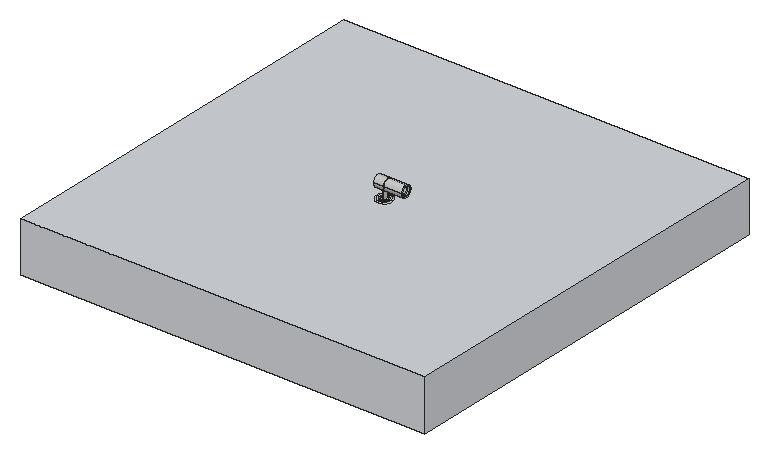
Revit family "LAMP_HANCE SEMI-RECESSED FLOOD", category Modelos genéricos, Revit 2015
Parameters (values of type "1476LM 3000 BLACK")
  Weight = 0.85 kg
  Type = "COB PHILIPS"
  Total height = 260 mm
  Tilting angle [instance] = 90.00°
  Tilting [instance] = if(Tilting angle < 0.00°, 0.00°, if(Tilting angle > 90.00°, 90.00°, Tilting angle))  # 90.00°
  Rotation angle [instance] = 0.00°
  Rotation [instance] = if(Rotation angle < 0.00°, 90.00°, if(Rotation angle > 355.00°, 85.00°, Rotation angle + 90.00°))  # 90.00°
  Protection rating = "IP20"
  Profundidad tija = if(Longitud cuerpo = 210 mm, 18 mm, 8.2 mm)  # 8.2 mm
  Product datasheet = "http://www.lamp.es/product-files/TECH/HS1SR20FL830NBB-EN.pdf"
  Product code = "HS1SR20FL830NBB"
  Product URL = "http://www.lamp.es/en/family/hance_173901"
  Power Supply = "220-240V 50-60Hz"
  Power = 18 W
  Plum = 21 W
  Photometric web file = Cuerpo Hance SEMI-RECESSED FLOOD (tilting) : 1476LM 3000 BLACK
  Modelo = Product code  # "HS1SR20FL830NBB"
  Model explanation = "Availability of tilting between 0º and 90º, rotation between 0º and 355º and change ring color when placed in a project."
  Material base = LAMP_Aluminio Hance Negro
  Material tija = LAMP_Aluminio Hance Negro
  Manufacturer name = "LAMP"
  Manufacturer country = "Spain"
  Manufacturer URL = "http://www.lamp.es/en"
  MacAdam = "3"
  Luminaire type = "Indoor - Spotlight"
  Longitud cuerpo = 170 mm
  Longitud aro = if(Longitud cuerpo = 135 mm, 63.6 mm, if(Longitud cuerpo = 170 mm, 98.6 mm, 138.6 mm))  # 98.6 mm
  Last update = "08/08/2018"
  Lamp = "COB LED"
  LED Lifetime = "50.000 L80 B10"
  Insulation class = "I"
  Installation instructions = "http://www.lamp.es/product-files/ins/1004280%20-%20instr.%20hance%20spotlight%20220v.pdf"
  Initial intensity = 1476 lm
  Initial color = 3000 K
  IEE = "A"
  Gear = "Electronic"
  Finish = "Texturised black"
  Fabricante = Manufacturer name  # "LAMP"
  Default Elevation = 1219.2 mm
  Efficacy = 70.3 lm/W
  Diameter = 65 mm
  Descripción = "HANCE REC 2000 WW FL BK."
  Decorative ring [instance] = Aro decorativo (tilting) : Black
  Comentarios de tipo = Model explanation  # "Availability of tilting between 0º and 90º, rotation between 0º and 355º and change ring color when placed in a project."
  CRI = "80"
  Body height = 170 mm
  Angulo aro [instance] = if(Tilting = 90.00°, 90.00°, -Tilting + 180.00°)  # 90.00°
  Anchura tija = if(Longitud cuerpo = 210 mm, 28 mm, 23 mm)  # 23 mm
  Altura tija = if(Longitud cuerpo = 210 mm, 49 mm, 63 mm)  # 63 mm
Types (17, lengths in mm): name | Weight | Total height | Profundidad tija | Product datasheet | Product code | Power | Plum | Photometric web file | Modelo | Material base | Material tija | Longitud cuerpo | Longitud aro | LED Lifetime | Initial intensity | Initial color | IEE | Finish | Efficacy | Diameter | Descripción | Body height | Anchura tija | Altura tija
  (no name) | 0.85 kg | 260 | 8.2 | "http://www.lamp.es/product-files/TECH/HS1SR20FL830NBB-EN.pdf" | "HS1SR20FL830NBB" | 18 W | 21 W | Cuerpo Hance SEMI-RECESSED FLOOD (tilting) : 1476LM 3000 BLACK | "HS1SR20FL830NBB" | LAMP_Aluminio Hance Negro | LAMP_Aluminio Hance Negro | 170 | 98.6 | "50.000 L80 B10" | 1476 lm | 3000 K | "A" | "Texturised black" | 70.3 lm/W | 65 | "HANCE REC 2000 WW FL BK." | 170 | 23 | 63
  639LM 3000 BLACK | 0.70 kg | 224 | 8.2 | "http://www.lamp.es/product-files/TECH/HS1SR10FL830NBB-EN.pdf" | "HS1SR10FL830NBB" | 7 W | 8.2 W | Cuerpo Hance SEMI-RECESSED FLOOD (tilting) : 639LM 3000 BLACK | "HS1SR10FL830NBB" | LAMP_Aluminio Hance Negro | LAMP_Aluminio Hance Negro | 135 | 63.6 | "50.000 L90 B10" | 639 lm | 3000 K | "A+" | "Texturised black" | 77.9 lm/W | 65 | "HANCE REC 1000 WW FL BK." | 135 | 23 | 63
  639LM 3000 WHITE | 0.70 kg | 224 | 8.2 | "http://www.lamp.es/product-files/TECH/HS1SR10FL830NBW-EN.pdf" | "HS1SR10FL830NBW" | 7 W | 8.2 W | Cuerpo Hance SEMI-RECESSED FLOOD (tilting) : 639LM 3000 WHITE | "HS1SR10FL830NBW" | LAMP_Aluminio Hance Blanco | LAMP_Aluminio Hance Blanco | 135 | 63.6 | "50.000 L90 B10" | 639 lm | 3000 K | "A+" | "Texturised matt white" | 77.9 lm/W | 65 | "HANCE REC 1000 WW FL WH." | 135 | 23 | 63
  675LM 4000 BLACK | 0.70 kg | 224 | 8.2 | "http://www.lamp.es/product-files/TECH/HS1SR10FL840NBB-EN.pdf" | "HS1SR10FL840NBB" | 7 W | 8.2 W | Cuerpo Hance SEMI-RECESSED FLOOD (tilting) : 675LM 4000 BLACK | "HS1SR10FL840NBB" | LAMP_Aluminio Hance Negro | LAMP_Aluminio Hance Negro | 135 | 63.6 | "50.000 L90 B10" | 675 lm | 4000 K | "A+" | "Texturised black" | 82.32 lm/W | 65 | "HANCE REC 1000 NW FL BK." | 135 | 23 | 63
  675LM 4000 WHITE | 0.70 kg | 224 | 8.2 | "http://www.lamp.es/product-files/TECH/HS1SR10FL840NBW-EN.pdf" | "HS1SR10FL840NBW" | 7 W | 8.2 W | Cuerpo Hance SEMI-RECESSED FLOOD (tilting) : 675LM 4000 WHITE | "HS1SR10FL840NBW" | LAMP_Aluminio Hance Blanco | LAMP_Aluminio Hance Blanco | 135 | 63.6 | "50.000 L90 B10" | 675 lm | 4000 K | "A+" | "Texturised matt white" | 82.32 lm/W | 65 | "HANCE REC 1000 NW FL WH." | 135 | 23 | 63
  1476LM 3000 BLACK | 0.85 kg | 260 | 8.2 | "http://www.lamp.es/product-files/TECH/HS1SR20FL830NBB-EN.pdf" | "HS1SR20FL830NBB" | 18 W | 21 W | Cuerpo Hance SEMI-RECESSED FLOOD (tilting) : 1476LM 3000 BLACK | "HS1SR20FL830NBB" | LAMP_Aluminio Hance Negro | LAMP_Aluminio Hance Negro | 170 | 98.6 | "50.000 L80 B10" | 1476 lm | 3000 K | "A" | "Texturised black" | 70.3 lm/W | 65 | "HANCE REC 2000 WW FL BK." | 170 | 23 | 63
  1476LM 3000 WHITE | 0.85 kg | 260 | 8.2 | "http://www.lamp.es/product-files/TECH/HS1SR20FL830NBW-EN.pdf" | "HS1SR20FL830NBW" | 18 W | 21 W | Cuerpo Hance SEMI-RECESSED FLOOD (tilting) : 1476LM 3000 WHITE | "HS1SR20FL830NBW" | LAMP_Aluminio Hance Blanco | LAMP_Aluminio Hance Blanco | 170 | 98.6 | "50.000 L80 B10" | 1476 lm | 3000 K | "A" | "Texturised matt white" | 70.3 lm/W | 65 | "HANCE REC 2000 WW FL WH." | 170 | 23 | 63
  1560LM 4000 BLACK | 0.85 kg | 260 | 8.2 | "http://www.lamp.es/product-files/TECH/HS1SR20FL840NBB-EN.pdf" | "HS1SR20FL840NBB" | 18 W | 21 W | Cuerpo Hance SEMI-RECESSED FLOOD (tilting) : 1560LM 4000 BLACK | "HS1SR20FL840NBB" | LAMP_Aluminio Hance Negro | LAMP_Aluminio Hance Negro | 170 | 98.6 | "50.000 L80 B10" | 1560 lm | 4000 K | "A" | "Texturised black" | 74.28 lm/W | 65 | "HANCE REC 2000 NW FL BK." | 170 | 23 | 63
  1560LM 4000 WHITE | 0.85 kg | 260 | 8.2 | "http://www.lamp.es/product-files/TECH/HS1SR20FL840NBW-EN.pdf" | "HS1SR20FL840NBW" | 18 W | 21 W | Cuerpo Hance SEMI-RECESSED FLOOD (tilting) : 1560LM 4000 WHITE | "HS1SR20FL840NBW" | LAMP_Aluminio Hance Blanco | LAMP_Aluminio Hance Blanco | 170 | 98.6 | "50.000 L80 B10" | 1560 lm | 4000 K | "A" | "Texturised matt white" | 74.28 lm/W | 65 | "HANCE REC 2000 NW FL WH." | 170 | 23 | 63
  2569LM 3000 BLACK | 1.70 kg | 3000 | 18 | "http://www.lamp.es/product-files/TECH/HS1SR30FL830NBB-EN.pdf" | "HS1SR30FL830NBB" | 26 W | 28.6 W | Cuerpo Hance SEMI-RECESSED FLOOD (tilting) : 2569LM 3000 BLACK | "HS1SR30FL830NBB" | LAMP_Aluminio Hance Negro | LAMP_Aluminio Hance Negro | 210 | 138.6 | "50.000 L80 B10" | 2569 lm | 3000 K | "A+" | "Texturised black" | 89.83 lm/W | 90 | "HANCE REC 3000 WW FL BK." | 210 | 28 | 49
  2569LM 3000 WHITE | 1.70 kg | 300 | 18 | "http://www.lamp.es/product-files/TECH/HS1SR30FL830NBW-EN.pdf" | "HS1SR30FL830NBW" | 26 W | 28.6 W | Cuerpo Hance SEMI-RECESSED FLOOD (tilting) : 2569LM 3000 WHITE | "HS1SR30FL830NBW" | LAMP_Aluminio Hance Blanco | LAMP_Aluminio Hance Blanco | 210 | 138.6 | "50.000 L80 B10" | 2569 lm | 3000 K | "A+" | "Texturised matt white" | 89.83 lm/W | 90 | "HANCE REC 3000 WW FL WH." | 210 | 28 | 49
  2686LM 4000 BLACK | 1.70 kg | 300 | 18 | "http://www.lamp.es/product-files/TECH/HS1SR30FL840NBB-EN.pdf" | "HS1SR30FL840NBB" | 26 W | 28.6 W | Cuerpo Hance SEMI-RECESSED FLOOD (tilting) : 2569LM 3000 BLACK | "HS1SR30FL840NBB" | LAMP_Aluminio Hance Negro | LAMP_Aluminio Hance Negro | 210 | 138.6 | "50.000 L80 B10" | 2686 lm | 4000 K | "A+" | "Texturised black" | 93.92 lm/W | 90 | "HANCE REC 3000 NW FL BK." | 210 | 28 | 49
  2686LM 4000 WHITE | 1.70 kg | 300 | 18 | "http://www.lamp.es/product-files/TECH/HS1SR30FL840NBW-EN.pdf" | "HS1SR30FL840NBW" | 26 W | 28.6 W | Cuerpo Hance SEMI-RECESSED FLOOD (tilting) : 2686LM 4000 WHITE | "HS1SR30FL840NBW" | LAMP_Aluminio Hance Blanco | LAMP_Aluminio Hance Blanco | 210 | 138.6 | "50.000 L80 B10" | 2686 lm | 4000 K | "A+" | "Texturised matt white" | 93.92 lm/W | 90 | "HANCE REC 3000 NW FL WH." | 210 | 28 | 49
  3290LM 3000 BLACK | 1.70 kg | 300 | 18 | "http://www.lamp.es/product-files/TECH/HS1SR40FL830NBB-EN.pdf" | "HS1SR40FL830NBB" | 35 W | 39.5 W | Cuerpo Hance SEMI-RECESSED FLOOD (tilting) : 3290LM 3000 BLACK | "HS1SR40FL830NBB" | LAMP_Aluminio Hance Negro | LAMP_Aluminio Hance Negro | 210 | 138.6 | "50.000 L80 B10" | 3290 lm | 3000 K | "A+" | "Texturised black" | 83.3 lm/W | 90 | "HANCE REC 4000 WW FL BK." | 210 | 28 | 49
  3290LM 3000 WHITE | 1.70 kg | 300 | 18 | "http://www.lamp.es/product-files/TECH/HS1SR40FL830NBW-EN.pdf" | "HS1SR40FL830NBW" | 35 W | 39.5 W | Cuerpo Hance SEMI-RECESSED FLOOD (tilting) : 3290LM 3000 WHITE | "HS1SR40FL830NBW" | LAMP_Aluminio Hance Blanco | LAMP_Aluminio Hance Blanco | 210 | 138.6 | "50.000 L80 B10" | 3290 lm | 3000 K | "A+" | "Texturised matt white" | 83.3 lm/W | 90 | "HANCE REC 4000 WW FL WH." | 210 | 28 | 49
  3426LM 4000 BLACK | 1.70 kg | 300 | 18 | "http://www.lamp.es/product-files/TECH/HS1SR40FL840NBB-EN.pdf" | "HS1SR40FL840NBB" | 35 W | 39.5 W | Cuerpo Hance SEMI-RECESSED FLOOD (tilting) : 3426LM 4000 BLACK | "HS1SR40FL840NBB" | LAMP_Aluminio Hance Negro | LAMP_Aluminio Hance Negro | 210 | 138.6 | "50.000 L80 B10" | 3426 lm | 4000 K | "A+" | "Texturised black" | 86.73 lm/W | 90 | "HANCE REC 4000 NW FL BK." | 210 | 28 | 49
  3426LM 4000 WHITE | 1.70 kg | 300 | 18 | "http://www.lamp.es/product-files/TECH/HS1SR40FL840NBW-EN.pdf" | "HS1SR40FL840NBW" | 35 W | 39.5 W | Cuerpo Hance SEMI-RECESSED FLOOD (tilting) : 3426LM 4000 WHITE | "HS1SR40FL840NBW" | LAMP_Aluminio Hance Blanco | LAMP_Aluminio Hance Blanco | 210 | 138.6 | "50.000 L80 B10" | 3426 lm | 4000 K | "A+" | "Texturised matt white" | 86.73 lm/W | 90 | "HANCE REC 4000 NW FL WH." | 210 | 28 | 49
Reference planes
  plane 1 "Centro (Frontal/Posterior)": y = 0
  plane 2: z = 0
  plane 3 "Centro (Izquierda/Derecha)": x = 0
Forms (mm)
  Extrusion 1, solid
    sketch origin (0, 0, 0) x (1, 0, 0) y (0, 1, 0)
      loop
        line (-1219.2, 1219.2) -> (-1219.2, -1219.2) -> (1219.2, -1219.2) -> (1219.2, 1219.2) -> (-1219.2, 1219.2)
    from 0 to -304.8
Lines and regions (mm)
  reference lines
    curve 1: line (0, 0, 0) -> (50, 0, 0)
Text (mm)
  text "Any modification of the parameters and properties of the LAMP BIM models must be executed and validated by the LAMP technical department.\n\nPhone: +34 93 736 68 00\n\nE-mail: lamp@lamp.es\n\n\n\nLAMP reserves the right to modify the technical specifications of its products." at (-21906.375, 14253.211, -4404.018), in view "Preview"
Dimensions and locks
  "Rotation": angle curve 1 to plane 3 "Centro (Izquierda/Derecha)"
  aligned and locked: plane 2 to Extrusion 1
  aligned and locked: level to Extrusion 1
  aligned and locked: plane 3 "Centro (Izquierda/Derecha)" to curve 1
  aligned and locked: plane 1 "Centro (Frontal/Posterior)" to curve 1
Automatic sketch dimensions
  Extrusion 1 sketch curve to Extrusion 1 sketch curve = 2438.4 mm  (x2)
Nested families
  nested 1: "Aro decorativo (tilting)" at (4.148, 0, 57.363) x (1, 0, 0) z (0, 0, -1), type <- "Decorative ring", type "Black"
    with Longitud 98.6 mm
  nested 2: "Tija track" at (5.648, 0, 2.2), type "Tija track"
  nested 3: "Tija semi-recessed" at (0, 0, 0), type "Tija semi-recessed"
    with Rotation angle 0.00°, Rotation 90.00°
  nested 4: "Cuerpo Hance SEMI-RECESSED FLOOD (tilting)" at (4.123, 0, 57.345) x (1, 0, 0) z (0, 0, -1), type <- "Photometric web file", type "1476LM 3000 BLACK"
Connectors
  electrical at (0, 0, 0)
    settings: on nested 3, index 1, voltage 230 V, apparent load 0 VA, apparent load phase1 0 VA, apparent load phase2 0 VA, apparent load phase3 0 VA, power factor 1, load classification "Otro", number of poles 1, system type 30, power factor state 1, is connector primary yes, connector utility no, sub classification motor no, connector description ""
Definition of nested family "Aro decorativo (tilting)"
  Parameters (values of type "Copper")
    Weight (3000/4000) = 0.016 kg
    Weight (1000/2000) = 0.01 kg
    Tilting = 90.00°
    Product datasheet = ""
    Product code (3000/4000) = "HSRI90C"
    Product code (1000/2000) = "HSRI65C"
    Product URL = ""
    Model = ""
    Material aro = none
    Manufacturer name = "LAMP"
    Manufacturer country = "Spain"
    Manufacturer URL = "http://www.lamp.es/en"
    Longitud = 63.6 mm
    Last update = "21/05/2018"
    Installation instructions = ""
    Finish = "Metalized matt copper"
    Manufacturer = Manufacturer name  # "LAMP"
    Default Elevation = 1219.2 mm
    Diameter (3000/4000) = 90 mm
    Diameter (1000/2000) = 65 mm
    Description = ""
    Accessory Type = "Optic"
    3000/4000 Model = "HSRI90C"
    3000/4000 Description = "HANCE 3000/4000 ACC. RING DECO CO."
    1000/2000 Model = "HSRI65C"
    1000/2000 Description = "HANCE 1000/2000 ACC. RING DECO CO."
  Types (5, lengths in mm): name | Product code (3000/4000) | Product code (1000/2000) | Finish | 3000/4000 Model | 3000/4000 Description | 1000/2000 Model | 1000/2000 Description
    (no name) | "HSRI90C" | "HSRI65C" | "Metalized matt copper" | "HSRI90C" | "HANCE 3000/4000 ACC. RING DECO CO." | "HSRI65C" | "HANCE 1000/2000 ACC. RING DECO CO."
    Black | "HSRI90B" | "HSRI65B" | "Matt black" | "HSRI90B" | "HANCE 3000/4000 ACC. RING DECO BK." | "HSRI65B" | "HANCE 1000/2000 ACC. RING DECO BK."
    Copper | "HSRI90C" | "HSRI65C" | "Metalized matt copper" | "HSRI90C" | "HANCE 3000/4000 ACC. RING DECO CO." | "HSRI65C" | "HANCE 1000/2000 ACC. RING DECO CO."
    Grey | "HSRI90M" | "HSRI65M" | "Metalized matt silver" | "HSRI90M" | "HANCE 3000/4000 ACC. RING DECO MET." | "HSRI65M" | "HANCE 1000/2000 ACC. RING DECO MET."
    White | "HSRI90W" | "HSRI65W" | "Matt White" | "HSRI90W" | "HANCE 3000/4000 ACC. RING DECO WH." | "HSRI65W" | "HANCE 1000/2000 ACC. RING DECO WH."
  Reference planes
    plane 1 "Centro (Frontal/Posterior)": y = 0
    plane 2: z = 0
    plane 3 "Centro (Izquierda/Derecha)": x = 0
  Lines and regions (mm)
    reference lines
      curve 1: line (0, 0, 0) -> (0, 0, -27.9)
      curve 2: line (0, 0, -27.9) -> (80.8, 0, -27.9)
  Text (mm)
    text "Any modification of the parameters and properties of the LAMP BIM models must be executed and validated by the LAMP technical department.\n\nPhone: +34 93 736 68 00\n\nE-mail: lamp@lamp.es\n\n\n\nLAMP reserves the right to modify the technical specifications of its products." at (86527.204, -96597.187, 50741.736), in view "Preview"
  Dimensions and locks
    "Tilting": angle curve 1 to plane 2
    aligned and locked: level to plane 2
    aligned and locked: plane 3 "Centro (Izquierda/Derecha)" to curve 1
    aligned and locked: plane 2 to curve 1
  Automatic sketch dimensions
    curve 2 to curve 1 = 0 mm
    curve 1 to curve 2 = 0 mm
    curve 1 to curve 2 = 80.8 mm
  Nested families
    nested 1: "Aro decorativo" at (17.2, 0, 0), type "Copper"
  Definition of nested family "Aro decorativo"
    Parameters (values of type "Copper")
      Weight (3000/4000) = 0.016 kg
      Weight (1000/2000) = 0.01 kg
      Product datasheet = ""
      Product code (3000/4000) = "HSRI90C"
      Product code (1000/2000) = "HSRI65C"
      Product URL = ""
      Model = ""
      Material aro = none
      Manufacturer name = "LAMP"
      Manufacturer country = "Spain"
      Manufacturer URL = "http://www.lamp.es/en"
      Longitud = 63.6 mm
      Last update = "21/05/2018"
      Installation instructions = ""
      Finish = "Metalized matt copper"
      Manufacturer = Manufacturer name  # "LAMP"
      Default Elevation = 1219.2 mm
      Diametro vaciado aro interior = if(Diametro aro interior = 35.4 mm, 34.4 mm, 21.9 mm)  # 21.9 mm
      Diametro vaciado aro exterior = if(Diametro aro exterior = 42.9 mm, 41.9 mm, 29.4 mm)  # 29.4 mm
      Diametro aro interior = if(Diametro aro exterior = 42.9 mm, 35.4 mm, 22.9 mm)  # 22.9 mm
      Diametro aro exterior = if(Longitud = 138.6 mm, 42.9 mm, 30.4 mm)  # 30.4 mm
      Diameter (3000/4000) = 90 mm
      Diameter (1000/2000) = 65 mm
      Description = ""
      Accessory Type = "Optic"
      3000/4000 Model = "HSRI90C"
      3000/4000 Description = "HANCE 3000/4000 ACC. RING DECO CO."
      1000/2000 Description = "HANCE 1000/2000 ACC. RING DECO CO."
      1000/2000 Model = "HSRI65C"
    Types (5, lengths in mm): name | Product code (3000/4000) | Product code (1000/2000) | Finish | 3000/4000 Model | 3000/4000 Description | 1000/2000 Description | 1000/2000 Model
      (no name) | "HSRI90C" | "HSRI65C" | "Metalized matt copper" | "HSRI90C" | "HANCE 3000/4000 ACC. RING DECO CO." | "HANCE 1000/2000 ACC. RING DECO CO." | "HSRI65C"
      Black | "HSRI90B" | "HSRI65B" | "Matt black" | "HSRI90B" | "HANCE 3000/4000 ACC. RING DECO BK." | "HANCE 1000/2000 ACC. RING DECO BK." | "HSRI65B"
      Copper | "HSRI90C" | "HSRI65C" | "Metalized matt copper" | "HSRI90C" | "HANCE 3000/4000 ACC. RING DECO CO." | "HANCE 1000/2000 ACC. RING DECO CO." | "HSRI65C"
      Grey | "HSRI90M" | "HSRI65M" | "Metalized matt silver" | "HSRI90M" | "HANCE 3000/4000 ACC. RING DECO MET." | "HANCE 1000/2000 ACC. RING DECO MET." | "HSRI65M"
      White | "HSRI90W" | "HSRI65W" | "Matt white" | "HSRI90W" | "HANCE 3000/4000 ACC. RING DECO WH." | "HANCE 1000/2000 ACC. RING DECO WH." | "HSRI65W"
    Reference planes
      plane 1 "Centro (Frontal/Posterior)": y = 0
      plane 2: z = 0
      plane 3 "Centro (Izquierda/Derecha)": x = 0
    Forms (mm)
      Revolve 1, solid, material <- "Material aro"
        sketch origin (0, 0, -27.9) x (1, 0, 0) y (0, 0, 1)
          loop
            line (63.6, 0) -> (73.782, 0) -> (73.782, 30.4) -> (63.6, 22.9) -> (63.6, 0)
          axis (73.782, 0) -> (63.6, 0)
        angle from 0 to 360
      Revolve 2, void
        sketch origin (0, 0, -27.9) x (1, 0, 0) y (0, 0, 1)
          loop
            line (73.782, 29.4) -> (63.6, 21.9) -> (63.6, 0) -> (73.782, 0) -> (73.782, 29.4)
          axis (63.6, 0) -> (73.782, 0)
        angle from 0 to 360
    Cuts and joins
      Revolve 2 cuts Revolve 1
    Lines and regions (mm)
      reference lines
        curve 1: line (0, 0, -27.9) -> (63.6, 0, -27.9)
    Text (mm)
      text "Any modification of the parameters and properties of the LAMP BIM models must be executed and validated by the LAMP technical department.\n\nPhone: +34 93 736 68 00\n\nE-mail: lamp@lamp.es\n\n\n\nLAMP reserves the right to modify the technical specifications of its products." at (91886.357, -93022.329, 47898.266), in view "Preview"
    Dimensions and locks
      "Diametro aro exterior": Revolve 1 sketch curve to Revolve 1 sketch curve
      "Diametro vaciado aro exterior": Revolve 2 sketch curve to Revolve 2 sketch curve
      "Longitud": curve 1 to plane 3 "Centro (Izquierda/Derecha)"
      "Diametro aro interior": Revolve 1 sketch curve to Revolve 1 sketch curve
      "Diametro vaciado aro interior": Revolve 2 sketch curve to Revolve 2 sketch curve
      aligned and locked: level to plane 2
    Automatic sketch dimensions
      Revolve 1 sketch curve to curve 1 = 0 mm  (x4)
      curve 1 to Revolve 1 sketch curve = 10.182 mm
      Revolve 1 sketch curve to Revolve 1 sketch curve = 0 mm
      Revolve 2 sketch curve to curve 1 = 0 mm  (x3)
      curve 1 to Revolve 2 sketch curve = 10.182 mm
      Revolve 2 sketch curve to curve 1 = 1261.008 mm
      Revolve 2 sketch curve to Revolve 2 sketch curve = 1898.983 mm
      curve 1 to plane 3 "Centro (Izquierda/Derecha)" = 0 mm
      curve 1 to level = 27.9 mm
Definition of nested family "Tija track"
  Parameters (values of type "Tija track")
    Profundidad tija = 8.2 mm
    Material tija = none
    Default Elevation = 1219.2 mm
    Anchura tija = 23 mm
    Profundo vaciado = if(Profundidad tija = 18 mm, 10.8 mm, 1 mm)  # 1 mm
    Ancho vaciado = Anchura tija  # 23 mm
    Altura tija = 63 mm
  Reference planes
    plane 1 "Centro (Frontal/Posterior)": y = 0
    plane 2: z = 0
    plane 3 "Centro (Izquierda/Derecha)": x = 0
  Forms (mm)
    Extrusion 1, solid
      sketch origin (0, 0, 0) x (1, 0, 0) y (0, 1, 0)
        loop
          line (-1219.2, 1219.2) -> (-1219.2, -1219.2) -> (1219.2, -1219.2) -> (1219.2, 1219.2) -> (-1219.2, 1219.2)
      from 0 to -304.8
    Extrusion 2, solid, material <- "Material tija"
      sketch origin (0, 0, -18) x (1, 0, 0) y (0, 0, 1)
        loop
          line (4.1, 18) -> (4.1, 81) -> (-6.297, 81)
          arc (-6.297, 81) -> (-12.297, 75) -> (-6.297, 69) r 6
          line (-6.297, 69) -> (-4.1, 69) -> (-4.1, 18) -> (4.1, 18)
      from -11.5 to 11.5
    Extrusion 3, void
      sketch origin (0, 0, -20) x (-1, 0, 0) y (0, 0, 1)
        loop
          circle (7.297, 77) r 3
        loop
          circle (7.297, 63) r 3
      from -17.317 to 15.502
    Extrusion 4, void
      sketch origin (1, -11.5, 0) x (-1, 0, 0) y (0, 1, 0)
        loop
          line (0, 23) -> (-38.141, 23) -> (-38.141, 0) -> (0, 0)
          arc (0, 0) -> (-1.663, 11.5) -> (0, 23) r 40.6
      from -63 to 0
  Cuts and joins
    Extrusion 3, Extrusion 4 cuts Extrusion 2
  Lines and regions (mm)
    reference lines
      curve 1: line (1, -11.5, 0) -> (1, 11.5, 0)
  Dimensions and locks
    equal spacing: cut or joined group of Extrusion 2, Extrusion 3, Extrusion 4, plane 1 "Centro (Frontal/Posterior)", cut or joined group of Extrusion 2, Extrusion 3, Extrusion 4
    "Anchura tija": cut or joined group of Extrusion 2, Extrusion 3, Extrusion 4 to cut or joined group of Extrusion 2, Extrusion 3, Extrusion 4
    plane 1 "Centro (Frontal/Posterior)" to Extrusion 4 sketch curve = 11.5 mm
    "Altura tija": Extrusion 2 sketch curve to Extrusion 2 sketch curve
    "Profundidad tija": cut or joined group of Extrusion 2, Extrusion 3, Extrusion 4 to cut or joined group of Extrusion 2, Extrusion 3, Extrusion 4
    locked: cut or joined group of Extrusion 2, Extrusion 3, Extrusion 4 to plane 3 "Centro (Izquierda/Derecha)" at 4.1
    locked: plane 3 "Centro (Izquierda/Derecha)" to Extrusion 4 sketch curve at 39.141
    "Profundo vaciado": plane 3 "Centro (Izquierda/Derecha)" to curve 1
    "Ancho vaciado": Extrusion 4 sketch curve to Extrusion 4 sketch curve
    equal spacing: Extrusion 4 sketch curve, plane 1 "Centro (Frontal/Posterior)", Extrusion 4 sketch curve
    aligned and locked: plane 2 to Extrusion 1
    aligned and locked: level to Extrusion 1
  Automatic sketch dimensions
    Extrusion 1 sketch curve to Extrusion 1 sketch curve = 2438.4 mm  (x2)
    Extrusion 3 sketch curve to plane 3 "Centro (Izquierda/Derecha)" = 7.297 mm  (x2)
    level to Extrusion 3 sketch curve = 43 mm
    Extrusion 3 sketch curve to Extrusion 3 sketch curve = 14 mm
    Extrusion 2 sketch curve to level = 0 mm
    Extrusion 2 sketch curve to plane 3 "Centro (Izquierda/Derecha)" = 6.297 mm
    Extrusion 2 sketch curve to Extrusion 2 sketch curve = 2.197 mm
    plane 3 "Centro (Izquierda/Derecha)" to Extrusion 2 sketch curve = 4.1 mm
    Extrusion 2 sketch curve to Extrusion 2 sketch curve = 12 mm
    plane 1 "Centro (Frontal/Posterior)" to curve 1 = 11.5 mm
    curve 1 to plane 1 "Centro (Frontal/Posterior)" = 11.5 mm
    Extrusion 4 sketch curve to curve 1 = 0 mm  (x2)
    curve 1 to Extrusion 4 sketch curve = 38.937 mm
    radius of Extrusion 3 sketch curve = 3 mm  (x2)
Definition of nested family "Tija semi-recessed"
  Parameters (values of type "Tija semi-recessed")
    Rotation angle [instance] = 0.00°
    Rotation [instance] = if(Rotation angle < 0.00°, 90.00°, if(Rotation angle > 355.00°, 85.00°, Rotation angle + 90.00°))  # 90.00°
    Material base = none
    Default Elevation = 1219.2 mm
  Reference planes
    plane 1 "Centro (Frontal/Posterior)": y = 0
    plane 2: z = 0
    plane 3 "Centro (Izquierda/Derecha)": x = 0
  Forms (mm)
    Extrusion 1, solid
      sketch origin (0, 0, 0) x (1, 0, 0) y (0, 1, 0)
        loop
          line (-1219.2, 1219.2) -> (-1219.2, -1219.2) -> (1219.2, -1219.2) -> (1219.2, 1219.2) -> (-1219.2, 1219.2)
      from 0 to -304.8
    Revolve 2, solid, material <- "Material base"
      sketch origin (0, 0, 0) x (1, 0, 0) y (0, 0, 1)
        loop
          line (-47, 0) -> (0, 0) -> (0, 2.2) -> (-42, 2.2)
          arc (-42, 2.2) -> (-44.731, 1.626) -> (-47, 0) r 6.782
        axis (0, 2.2) -> (0, 0)
      angle from 0 to 360
    Extrusion 3, void
      sketch origin (0, 0, 0) x (1, 0, 0) y (0, 1, 0)
        loop
          circle (0, 0) r 24
      from 0 to 2.2
    Revolve 4, solid, material <- "Material base"
      sketch origin (0, 0, 0) x (1, 0, 0) y (0, 0, 1)
        loop
          line (0, 0) -> (0, 2.2) -> (-24, 2.2) -> (-24, 0) -> (0, 0)
        axis (0, 2.2) -> (0, 0)
      angle from 0 to 360
  Cuts and joins
    Extrusion 3 cuts Revolve 2
  Lines and regions (mm)
    reference lines
      curve 1: line (0, 0, 0) -> (100, 0, 0)
  Dimensions and locks
    "Rotation": angle curve 1 to plane 3 "Centro (Izquierda/Derecha)"
    aligned and locked: plane 2 to Extrusion 1
    aligned and locked: level to Extrusion 1
    aligned and locked: plane 3 "Centro (Izquierda/Derecha)" to curve 1
    aligned and locked: plane 1 "Centro (Frontal/Posterior)" to curve 1
  Automatic sketch dimensions
    Extrusion 1 sketch curve to Extrusion 1 sketch curve = 2438.4 mm  (x2)
    Revolve 2 sketch curve to level = 0 mm
    Revolve 2 sketch curve to plane 3 "Centro (Izquierda/Derecha)" = 0 mm  (x2)
    Revolve 2 sketch curve to level = 4.582 mm
    Revolve 2 sketch curve to plane 3 "Centro (Izquierda/Derecha)" = 42 mm
    Revolve 2 sketch curve to Revolve 2 sketch curve = 5 mm
    Revolve 2 sketch curve to Revolve 2 sketch curve = 605.018 mm
    Revolve 2 sketch curve to Revolve 2 sketch curve = 2606.858 mm
    plane 1 "Centro (Frontal/Posterior)" to Extrusion 3 sketch curve = 0 mm
    Extrusion 3 sketch curve to plane 3 "Centro (Izquierda/Derecha)" = 0 mm
    Revolve 4 sketch curve to level = 0 mm
    Revolve 4 sketch curve to plane 3 "Centro (Izquierda/Derecha)" = 0 mm  (x2)
    level to Revolve 4 sketch curve = 2.2 mm
    Revolve 4 sketch curve to Revolve 4 sketch curve = 24 mm
    Revolve 4 sketch curve to level = 609.6 mm
    Revolve 4 sketch curve to Revolve 4 sketch curve = 2606.858 mm
    radius of Extrusion 3 sketch curve = 24 mm
Definition of nested family "Cuerpo Hance SEMI-RECESSED FLOOD (tilting)"
  Parameters (values of type "639LM 3000 BLACK")
    Tilting = 90.00°
    Photometric web file = Cuerpo Hance SEMI-RECESSED FLOOD : 639LM 3000 BLACK
    Longitud cuerpo = 135 mm
    Default Elevation = 1219.2 mm
  Types (17, lengths in mm): name | Photometric web file | Longitud cuerpo
    (no name) | Cuerpo Hance SEMI-RECESSED FLOOD : 639LM 3000 BLACK | 135
    639LM 3000 BLACK | Cuerpo Hance SEMI-RECESSED FLOOD : 639LM 3000 BLACK | 135
    639LM 3000 WHITE | Cuerpo Hance SEMI-RECESSED FLOOD : 639LM 3000 WHITE | 135
    675LM 4000 BLACK | Cuerpo Hance SEMI-RECESSED FLOOD : 675LM 4000 BLACK | 135
    675LM 4000 WHITE | Cuerpo Hance SEMI-RECESSED FLOOD : 675LM 4000 WHITE | 135
    1476LM 3000 BLACK | Cuerpo Hance SEMI-RECESSED FLOOD : 1476LM 3000 BLACK | 170
    1476LM 3000 WHITE | Cuerpo Hance SEMI-RECESSED FLOOD : 1476LM 3000 WHITE | 170
    1560LM 4000 BLACK | Cuerpo Hance SEMI-RECESSED FLOOD : 1560LM 4000 BLACK | 170
    1560LM 4000 WHITE | Cuerpo Hance SEMI-RECESSED FLOOD : 1560LM 4000 WHITE | 170
    2569LM 3000 BLACK | Cuerpo Hance SEMI-RECESSED FLOOD : 2569LM 3000 BLACK | 210
    2569LM 3000 WHITE | Cuerpo Hance SEMI-RECESSED FLOOD : 2569LM 3000 WHITE | 210
    2686LM 4000 BLACK | Cuerpo Hance SEMI-RECESSED FLOOD : 2686LM 4000 BLACK | 210
    2686LM 4000 WHITE | Cuerpo Hance SEMI-RECESSED FLOOD : 2686LM 4000 WHITE | 210
    3290LM 3000 BLACK | Cuerpo Hance SEMI-RECESSED FLOOD : 3290LM 3000 BLACK | 210
    3290LM 3000 WHITE | Cuerpo Hance SEMI-RECESSED FLOOD : 3290LM 3000 WHITE | 210
    3426LM 4000 BLACK | Cuerpo Hance SEMI-RECESSED FLOOD : 3426LM 4000 BLACK | 210
    3426LM 4000 WHITE | Cuerpo Hance SEMI-RECESSED FLOOD : 3426LM 4000 WHITE | 210
  Reference planes
    plane 1 "Centro (Frontal/Posterior)": y = 0
    plane 2: z = 0
    plane 3 "Centro (Izquierda/Derecha)": x = 0
  Lines and regions (mm)
    reference lines
      curve 1: line (0, 0, 0) -> (200, 0, 0)
  Dimensions and locks
    "Tilting": angle plane 3 "Centro (Izquierda/Derecha)" to curve 1
    aligned and locked: level to plane 2
    aligned and locked: plane 3 "Centro (Izquierda/Derecha)" to curve 1
    aligned and locked: plane 2 to curve 1
  Nested families
    nested 1: "Cuerpo Hance SEMI-RECESSED FLOOD" at (0, 0, 0), type <- "Photometric web file", type "639LM 3000 BLACK"
  Definition of nested family "Cuerpo Hance SEMI-RECESSED FLOOD"
    Parameters (values of type "639LM 3000 BLACK")
      Tilt Angle = 90.00° + Tilting  # 180.00°
      Wattage = 8.2 W
      Tilting = 90.00°
      built-in parameter 1150107 = 3000 (stored number, unit not read)
      Radio vacio posterior = Radio cuerpo - 2.2 mm  # 30.3 mm
      Radio vaciado = Radio cuerpo - 1.5 mm  # 31 mm
      Radio cuerpo = if(Longitud cuerpo = 210 mm, 45 mm, 32.5 mm)  # 32.5 mm
      built-in parameter 1150110 = 1 (stored number, unit not read)
      built-in parameter 1150109 = 1 (stored number, unit not read)
      built-in parameter 1150112 = 1 (stored number, unit not read)
      built-in parameter 1150113 = 1 (stored number, unit not read)
      built-in parameter 1114218 = 1 (stored number, unit not read)
      built-in parameter 1150137 = (empty or 0)
      built-in parameter 1150132 = 2
      Material reflector = none
      Material cuerpo = none
      Material COB = none
      Longitud cuerpo = 135 mm
      Long. origen luz = if(Longitud cuerpo = 135 mm, 20 mm, if(Longitud cuerpo = 170 mm, 55 mm, 90 mm))  # 20 mm
      L_3 = if(Ancho disipador posterior = 80.4 mm, 39.6 mm, 12 mm)  # 12 mm
      L_2 = if(Ancho disipador posterior = 80.4 mm, 36.3 mm, 22.6 mm)  # 22.6 mm
      L_1 = if(Ancho disipador posterior = 80.4 mm, 36.8 mm, 25.4 mm)  # 25.4 mm
      built-in parameter 1150105 = 11148.3 (stored number, unit not read)
      built-in parameter 1150102 = (empty or 0)
      built-in parameter 1150106 = 111.48 (stored number, unit not read)
      Lumens = 638.78 lm
      Color Filter = 16777215
      built-in parameter 1114217 = 1 (stored number, unit not read)
      built-in parameter 1150139 = (empty or 0)
      Default Elevation = 1219.2 mm
      built-in parameter 1150104 = 7.2371 (stored number, unit not read)
      Efficacy = 77.9 lm/W
      Diametro aro = if(Radio cuerpo = 45 mm, 42.9 mm, 30.4 mm)  # 30.4 mm
      built-in parameter 1150115 = 1 (stored number, unit not read)
      built-in parameter 1150114 = 1 (stored number, unit not read)
      built-in parameter 1150138 = (empty or 0)
      built-in parameter 1150134 = (empty or 0)
      Dimming Lamp Color Temperature Shift = (empty or 0)
      Photometric Web File = "HS1SR10FL830NBB.IES"
      Ancho vaciado reflector = if(Radio cuerpo = 45 mm, 34.4 mm, 21.9 mm)  # 21.9 mm
      Ancho reflector = if(Radio cuerpo = 45 mm, 35.4 mm, 22.9 mm)  # 22.9 mm
      Ancho disipador posterior = if(Radio cuerpo = 32.5 mm, 53 mm, 80.4 mm)  # 53 mm
      built-in parameter 1150133 = 10 (stored number, unit not read)
      Altura disipador superior = if(Radio cuerpo = 45 mm, 23.9 mm, 36.9 mm)  # 36.9 mm
      Ancho disipador superior = if(Radio cuerpo = 45 mm, 28 mm, 22.6 mm)  # 22.6 mm
    Types (16, lengths in mm): name | Wattage | built-in parameter 1150107 | Radio vacio posterior | Radio vaciado | Radio cuerpo | Longitud cuerpo | Long. origen luz | L_3 | L_2 | L_1 | built-in parameter 1150105 | built-in parameter 1150106 | Lumens | built-in parameter 1150104 | Efficacy | Diametro aro | built-in parameter 1150134 | Photometric Web File | Ancho vaciado reflector | Ancho reflector | Ancho disipador posterior | Altura disipador superior | Ancho disipador superior
      639LM 3000 BLACK | 8.2 W | 3000 (stored number, unit not read) | 30.3 | 31 | 32.5 | 135 | 20 | 12 | 22.6 | 25.4 | 11148.3 (stored number, unit not read) | 111.48 (stored number, unit not read) | 638.78 lm | 7.2371 (stored number, unit not read) | 77.9 lm/W | 30.4 | (empty or 0) | "HS1SR10FL830NBB.IES" | 21.9 | 22.9 | 53 | 36.9 | 22.6
      639LM 3000 WHITE | 8.2 W | 3000 (stored number, unit not read) | 30.3 | 31 | 32.5 | 135 | 20 | 12 | 22.6 | 25.4 | 11148.3 (stored number, unit not read) | 111.48 (stored number, unit not read) | 638.78 lm | 7.2371 (stored number, unit not read) | 77.9 lm/W | 30.4 | (empty or 0) | "HS1SR10FL830NBW.IES" | 21.9 | 22.9 | 53 | 36.9 | 22.6
      675LM 4000 BLACK | 8.2 W | 4000 (stored number, unit not read) | 30.3 | 31 | 32.5 | 135 | 20 | 12 | 22.6 | 25.4 | 1291.7 (stored number, unit not read) | 12.917 (stored number, unit not read) | 675.024 lm | 7.6478 (stored number, unit not read) | 82.32 lm/W | 30.4 | 12 | "HS1SR10FL840NBB.IES" | 21.9 | 22.9 | 53 | 36.9 | 22.6
      675LM 4000 WHITE | 8.2 W | 4000 (stored number, unit not read) | 30.3 | 31 | 32.5 | 135 | 20 | 12 | 22.6 | 25.4 | 1291.7 (stored number, unit not read) | 12.917 (stored number, unit not read) | 675.024 lm | 7.6478 (stored number, unit not read) | 82.32 lm/W | 30.4 | 12 | "HS1SR10FL840NBW.IES" | 21.9 | 22.9 | 53 | 36.9 | 22.6
      1476LM 3000 BLACK | 21 W | 3000 (stored number, unit not read) | 30.3 | 31 | 32.5 | 170 | 55 | 12 | 22.6 | 25.4 | 2825.1 (stored number, unit not read) | 28.251 (stored number, unit not read) | 1476.3 lm | 6.5311 (stored number, unit not read) | 70.3 lm/W | 30.4 | (empty or 0) | "HS1SR20FL830NBB.IES" | 21.9 | 22.9 | 53 | 36.9 | 22.6
      1476LM 3000 WHITE | 21 W | 3000 (stored number, unit not read) | 30.3 | 31 | 32.5 | 170 | 55 | 12 | 22.6 | 25.4 | 2825.1 (stored number, unit not read) | 28.251 (stored number, unit not read) | 1476.3 lm | 6.5311 (stored number, unit not read) | 70.3 lm/W | 30.4 | (empty or 0) | "HS1SR20FL830NBW.IES" | 21.9 | 22.9 | 53 | 36.9 | 22.6
      1560LM 4000 BLACK | 21 W | 4000 (stored number, unit not read) | 30.3 | 31 | 32.5 | 170 | 55 | 12 | 22.6 | 25.4 | 3095.6 (stored number, unit not read) | 30.956 (stored number, unit not read) | 1559.88 lm | 6.9008 (stored number, unit not read) | 74.28 lm/W | 30.4 | 12 | "HS1SR20FL840NBB.IES" | 21.9 | 22.9 | 53 | 36.9 | 22.6
      1560LM 4000 WHITE | 21 W | 4000 (stored number, unit not read) | 30.3 | 31 | 32.5 | 170 | 55 | 12 | 22.6 | 25.4 | 3095.6 (stored number, unit not read) | 30.956 (stored number, unit not read) | 1559.88 lm | 6.9008 (stored number, unit not read) | 74.28 lm/W | 30.4 | 12 | "HS1SR20FL840NBW.IES" | 21.9 | 22.9 | 53 | 36.9 | 22.6
      2569LM 3000 BLACK | 28.6 W | 3000 (stored number, unit not read) | 42.8 | 43.5 | 45 | 210 | 90 | 39.6 | 36.3 | 36.8 | 5098.4 (stored number, unit not read) | 50.984 (stored number, unit not read) | 2569.14 lm | 8.3455 (stored number, unit not read) | 89.83 lm/W | 42.9 | (empty or 0) | "HS1SR30FL830NBB.IES" | 34.4 | 35.4 | 80.4 | 23.9 | 28
      2569LM 3000 WHITE | 28.6 W | 3000 (stored number, unit not read) | 42.8 | 43.5 | 45 | 210 | 90 | 39.6 | 36.3 | 36.8 | 5098.4 (stored number, unit not read) | 50.984 (stored number, unit not read) | 2569.14 lm | 8.3455 (stored number, unit not read) | 89.83 lm/W | 42.9 | (empty or 0) | "HS1SR30FL830NBW.IES" | 34.4 | 35.4 | 80.4 | 23.9 | 28
      2686LM 4000 BLACK | 28.6 W | 4000 (stored number, unit not read) | 42.8 | 43.5 | 45 | 210 | 90 | 39.6 | 36.3 | 36.8 | 7539.9 (stored number, unit not read) | 75.399 (stored number, unit not read) | 2686.11 lm | 8.7255 (stored number, unit not read) | 89.83 lm/W | 42.9 | 12 | "HS1SR30FL840NBB.IES" | 34.4 | 35.4 | 80.4 | 23.9 | 28
      2686LM 4000 WHITE | 28.6 W | 4000 (stored number, unit not read) | 42.8 | 43.5 | 45 | 210 | 90 | 39.6 | 36.3 | 36.8 | 7539.9 (stored number, unit not read) | 75.399 (stored number, unit not read) | 2686.11 lm | 8.7255 (stored number, unit not read) | 89.83 lm/W | 42.9 | 12 | "HS1SR30FL840NBW.IES" | 34.4 | 35.4 | 80.4 | 23.9 | 28
      3290LM 3000 BLACK | 39.5 W | 3000 (stored number, unit not read) | 42.8 | 43.5 | 45 | 210 | 90 | 39.6 | 36.3 | 36.8 | 9236 (stored number, unit not read) | 92.36 (stored number, unit not read) | 3290.35 lm | 7.7388 (stored number, unit not read) | 83.3 lm/W | 42.9 | (empty or 0) | "HS1SR40FL830NBB.IES" | 34.4 | 35.4 | 80.4 | 23.9 | 28
      3290LM 3000 WHITE | 39.5 W | 3000 (stored number, unit not read) | 42.8 | 43.5 | 45 | 210 | 90 | 39.6 | 36.3 | 36.8 | 9236 (stored number, unit not read) | 92.36 (stored number, unit not read) | 3290.35 lm | 7.7388 (stored number, unit not read) | 83.3 lm/W | 42.9 | (empty or 0) | "HS1SR40FL830NBW.IES" | 34.4 | 35.4 | 80.4 | 23.9 | 28
      3426LM 4000 BLACK | 39.5 W | 4000 (stored number, unit not read) | 42.8 | 43.5 | 45 | 210 | 90 | 39.6 | 36.3 | 36.8 | 8759.9 (stored number, unit not read) | 87.599 (stored number, unit not read) | 3425.84 lm | 8.0575 (stored number, unit not read) | 86.73 lm/W | 42.9 | 12 | "HS1SR40FL840NBB.IES" | 34.4 | 35.4 | 80.4 | 23.9 | 28
      3426LM 4000 WHITE | 39.5 W | 4000 (stored number, unit not read) | 42.8 | 43.5 | 45 | 210 | 90 | 39.6 | 36.3 | 36.8 | 8759.9 (stored number, unit not read) | 87.599 (stored number, unit not read) | 3425.84 lm | 8.0575 (stored number, unit not read) | 86.73 lm/W | 42.9 | 12 | "HS1SR40FL840NBW.IES" | 34.4 | 35.4 | 80.4 | 23.9 | 28
    Reference planes
      plane 1 "Centro (Frontal/Posterior)": y = 0
      plane 2: z = 0
      plane 3 "Centro (Izquierda/Derecha)": x = 0
    Forms (mm)
      Extrusion 1, solid, material <- "Material cuerpo"
        sketch origin (0, 0, 0) x (0, -1, 0) y (0, 0, 1)
          loop
            circle (0, -27.875) r 32.5
        from -93 to 42
      Extrusion 2, void
        sketch origin (0, 0, 0) x (0, 1, 0) y (0, 0, 1)
          loop
            line (11.3, 30) -> (-11.3, 30) -> (-11.3, -6.9)
            arc (-11.3, -6.9) -> (0, -7.855) -> (11.3, -6.9) r 67.349
            line (11.3, -6.9) -> (11.3, 30)
        from -42 to 9.4
      Extrusion 3, void
        sketch origin (0, 0, 0) x (0, 1, 0) y (0, 0, 1)
          loop
            circle (0, -27.875) r 30.3
        from -42 to -41
      Extrusion 4, void
        sketch origin (0, 0, 0) x (0, 1, 0) y (0, 0, 1)
          loop
            line (26.5, -26.291) -> (-26.5, -26.291)
            arc (-26.5, -26.291) -> (-27.7, -27.491) -> (-26.5, -28.691) r 1.2
            line (-26.5, -28.691) -> (26.5, -28.691)
            arc (26.5, -28.691) -> (27.7, -27.491) -> (26.5, -26.291) r 1.2
          loop
            line (26.115, -30.891) -> (-26.115, -30.891)
            arc (-26.115, -30.891) -> (-27.315, -32.091) -> (-26.115, -33.291) r 1.2
            line (-26.115, -33.291) -> (26.115, -33.291)
            arc (26.115, -33.291) -> (27.315, -32.091) -> (26.115, -30.891) r 1.2
          loop
            line (25.4, -35.55) -> (-24.915, -35.55)
            arc (-24.915, -35.55) -> (-26.115, -36.75) -> (-24.915, -37.95) r 1.2
            line (-24.915, -37.95) -> (25.4, -37.95)
            arc (25.4, -37.95) -> (26.6, -36.75) -> (25.4, -35.55) r 1.2
          loop
            line (22.6, -40.091) -> (-22.64, -40.091)
            arc (-22.64, -40.091) -> (-23.84, -41.291) -> (-22.64, -42.491) r 1.2
            line (-22.64, -42.491) -> (22.6, -42.491)
            arc (22.6, -42.491) -> (23.8, -41.291) -> (22.6, -40.091) r 1.2
          loop
            line (19.043, -44.691) -> (-19.086, -44.691)
            arc (-19.086, -44.691) -> (-20.286, -45.891) -> (-19.086, -47.091) r 1.2
            line (-19.086, -47.091) -> (19.043, -47.091)
            arc (19.043, -47.091) -> (20.243, -45.891) -> (19.043, -44.691) r 1.2
          loop
            line (15.357, -49.291) -> (-15.5, -49.291)
            arc (-15.5, -49.291) -> (-16.6, -50.391) -> (-15.5, -51.491) r 1.1
            line (-15.5, -51.491) -> (15.357, -51.491)
            arc (15.357, -51.491) -> (16.457, -50.391) -> (15.357, -49.291) r 1.1
          loop
            line (6, -53.691) -> (-6, -53.691)
            arc (-6, -53.691) -> (-7.1, -54.791) -> (-6, -55.891) r 1.1
            line (-6, -55.891) -> (6, -55.891)
            arc (6, -55.891) -> (7.1, -54.791) -> (6, -53.691) r 1.1
        from -42 to -38.7
      Extrusion 5, void
        sketch origin (0, 0, 0) x (-1, 0, 0) y (0, -1, 0)
          loop
            line (37.7, -9.12) -> (37.7, 9.12)
            arc (37.7, 9.12) -> (36.6, 10.22) -> (35.5, 9.12) r 1.1
            line (35.5, 9.12) -> (35.5, -9.12)
            arc (35.5, -9.12) -> (36.6, -10.22) -> (37.7, -9.12) r 1.1
          loop
            line (28.9, -9.12) -> (28.9, 9.12)
            arc (28.9, 9.12) -> (27.8, 10.22) -> (26.7, 9.12) r 1.1
            line (26.7, 9.12) -> (26.7, -9.12)
            arc (26.7, -9.12) -> (27.8, -10.22) -> (28.9, -9.12) r 1.1
          loop
            line (20.1, -9.12) -> (20.1, 9.12)
            arc (20.1, 9.12) -> (19, 10.22) -> (17.9, 9.12) r 1.1
            line (17.9, 9.12) -> (17.9, -9.12)
            arc (17.9, -9.12) -> (19, -10.22) -> (20.1, -9.12) r 1.1
        from -51.491 to 30
      Extrusion 6, void
        sketch origin (0, 0, 0) x (-1, 0, 0) y (0, -1, 0)
          loop
            line (33.3, -9.12) -> (33.3, 9.12)
            arc (33.3, 9.12) -> (32.2, 10.22) -> (31.1, 9.12) r 1.1
            line (31.1, 9.12) -> (31.1, -9.12)
            arc (31.1, -9.12) -> (32.2, -10.22) -> (33.3, -9.12) r 1.1
          loop
            line (24.5, -9.12) -> (24.5, 9.12)
            arc (24.5, 9.12) -> (23.4, 10.22) -> (22.3, 9.12) r 1.1
            line (22.3, 9.12) -> (22.3, -9.12)
            arc (22.3, -9.12) -> (23.4, -10.22) -> (24.5, -9.12) r 1.1
        from -8.232 to 30
      Extrusion 7, void
        sketch origin (0, 0, 0) x (0, 1, 0) y (0, 0, 1)
          loop
            circle (0, -27.875) r 31
        from 17.213 to 93
      Revolve 8, solid, material <- "Material reflector"
        sketch origin (0, 0, 0) x (1, 0, 0) y (0, 0, 1)
          loop
            line (60.5, -27.875) -> (80.818, -27.875) -> (80.818, -4.975) -> (60.5, -19.875) -> (60.5, -27.875)
          axis (60.5, -27.875) -> (80.818, -27.875)
        angle from 0 to 360
      Revolve 9, void
        sketch origin (0, 0, 0) x (1, 0, 0) y (0, 0, 1)
          loop
            line (80.818, -5.975) -> (61.5, -20.142) -> (60.5, -20.142) -> (60.5, -27.875) -> (61.5, -27.875) -> (80.818, -27.875) -> (80.818, -5.975)
          axis (80.818, -27.875) -> (60.5, -27.875)
        angle from 0 to 360
      Extrusion 10, solid, material <- "Material COB"
        sketch origin (0, 0, 0) x (0, -1, 0) y (0, 0, 1)
          loop
            circle (0, -27.875) r 7.733
        from -61.5 to -60.5
    Cuts and joins
      Extrusion 2, Extrusion 3, Extrusion 4, Extrusion 5, Extrusion 6, Extrusion 7 cuts Extrusion 1
      Revolve 9 cuts Revolve 8
    Lines and regions (mm)
      reference lines
        curve 1: line (0, 0, 0) -> (178.042, 0, 0)
        curve 2: line (93, 0, -27.875) -> (113, 0, -27.875)
        curve 3: line (0, 0, 0) -> (0, 0, -75)
        curve 4: line (93, 0, -22.875) -> (93, 0, -32.875)
    Text (mm)
      text "Any modification of the parameters and properties of the LAMP BIM models must be executed and validated by the LAMP technical department.\n\nPhone: +34 93 736 68 00\n\nE-mail: lamp@lamp.es\n\n\n\nLAMP reserves the right to modify the technical specifications of its products." at (97482.136, -81600.41, 57308.082), in view "Preview"
    Dimensions and locks
      locked: Revolve 9 sketch curve to cut or joined group of Extrusion 1, Extrusion 2, Extrusion 3, Extrusion 4, Extrusion 5, Extrusion 6, Extrusion 7 at 12.182
      "Longitud cuerpo": cut or joined group of Extrusion 1, Extrusion 2, Extrusion 3, Extrusion 4, Extrusion 5, Extrusion 6, Extrusion 7 to cut or joined group of Extrusion 1, Extrusion 2, Extrusion 3, Extrusion 4, Extrusion 5, Extrusion 6, Extrusion 7
      locked: cut or joined group of Extrusion 1, Extrusion 2, Extrusion 3, Extrusion 4, Extrusion 5, Extrusion 6, Extrusion 7 to curve 3 at 42
      locked: cut or joined group of Revolve 8, Revolve 9 to cut or joined group of Extrusion 1, Extrusion 2, Extrusion 3, Extrusion 4, Extrusion 5, Extrusion 6, Extrusion 7 at 12.182
      locked: cut or joined group of Revolve 8, Revolve 9 to cut or joined group of Revolve 8, Revolve 9 at 20.318
      locked: cut or joined group of Extrusion 1, Extrusion 2, Extrusion 3, Extrusion 4, Extrusion 5, Extrusion 6, Extrusion 7 to Extrusion 10 at 31.5
      locked: Extrusion 10 to Extrusion 10 at 1
      "Long. origen luz": curve 4 to curve 2
      equal spacing: Extrusion 4 sketch curve, plane 1 "Centro (Frontal/Posterior)", Extrusion 4 sketch curve  (x2)
      "Ancho disipador posterior": Extrusion 4 sketch curve to Extrusion 4 sketch curve
      "L_1": Extrusion 4 sketch curve to plane 1 "Centro (Frontal/Posterior)"
      "L_2": Extrusion 4 sketch curve to curve 3
      "L_3": Extrusion 4 sketch curve to Extrusion 4 sketch curve
      equal spacing: Extrusion 2 sketch curve, plane 1 "Centro (Frontal/Posterior)", Extrusion 2 sketch curve
      "Ancho disipador superior": Extrusion 2 sketch curve to Extrusion 2 sketch curve
      "Altura disipador superior": Extrusion 2 sketch curve to Extrusion 2 sketch curve
      locked: plane 2 to Extrusion 2 sketch curve at 30
      "Ancho reflector": Revolve 8 sketch curve to imposter light
      "Ancho vaciado reflector": Revolve 9 sketch curve to imposter light
      "Radio cuerpo": radius of Extrusion 1 sketch curve
      "Radio vaciado": radius of Extrusion 7 sketch curve
      "Radio vacio posterior": radius of Extrusion 3 sketch curve
      "Tilting": angle plane 3 "Centro (Izquierda/Derecha)" to curve 1
      aligned and locked: level to plane 2
      aligned and locked: imposter light to curve 2  (x2)
      aligned and locked: cut or joined group of Extrusion 1, Extrusion 2, Extrusion 3, Extrusion 4, Extrusion 5, Extrusion 6, Extrusion 7 to cut or joined group of Extrusion 1, Extrusion 2, Extrusion 3, Extrusion 4, Extrusion 5, Extrusion 6, Extrusion 7
    Automatic sketch dimensions
      curve 1 to Extrusion 5 sketch curve = 17.9 mm
      Extrusion 5 sketch curve to Extrusion 5 sketch curve = 1.1 mm  (x3)
      Extrusion 5 sketch curve to Extrusion 5 sketch curve = 6.6 mm  (x2)
      Extrusion 5 sketch curve to curve 1 = 9.12 mm  (x2)
      Extrusion 5 sketch curve to Extrusion 5 sketch curve = 0 mm  (x3)
      curve 1 to Extrusion 5 sketch curve = 9.12 mm
      curve 1 to Extrusion 6 sketch curve = 22.3 mm
      Extrusion 6 sketch curve to Extrusion 6 sketch curve = 1.1 mm  (x2)
      Extrusion 6 sketch curve to Extrusion 6 sketch curve = 6.6 mm
      Extrusion 6 sketch curve to curve 1 = 9.12 mm
      Extrusion 6 sketch curve to Extrusion 6 sketch curve = 0 mm  (x2)
      curve 1 to Extrusion 6 sketch curve = 9.12 mm
      Extrusion 10 sketch curve to plane 1 "Centro (Frontal/Posterior)" = 0 mm
      Extrusion 1 sketch curve to plane 1 "Centro (Frontal/Posterior)" = 0 mm
      Extrusion 1 sketch curve to level = 27.875 mm
      Extrusion 2 sketch curve to plane 1 "Centro (Frontal/Posterior)" = 0 mm
      Extrusion 2 sketch curve to Extrusion 2 sketch curve = 29.494 mm
      Extrusion 3 sketch curve to plane 1 "Centro (Frontal/Posterior)" = 0 mm
      Extrusion 3 sketch curve to level = 27.875 mm
      Extrusion 4 sketch curve to Extrusion 4 sketch curve = 0.385 mm  (x2)
      Extrusion 4 sketch curve to Extrusion 4 sketch curve = 1.2 mm  (x6)
      Extrusion 4 sketch curve to Extrusion 4 sketch curve = 2.276 mm
      Extrusion 4 sketch curve to Extrusion 4 sketch curve = 3.554 mm
      Extrusion 4 sketch curve to Extrusion 4 sketch curve = 3.586 mm
      Extrusion 4 sketch curve to Extrusion 4 sketch curve = 9.357 mm
      Extrusion 4 sketch curve to Extrusion 4 sketch curve = 3.557 mm
      Extrusion 4 sketch curve to level = 55.891 mm
      Extrusion 4 sketch curve to Extrusion 4 sketch curve = 1.1 mm  (x2)
      Extrusion 4 sketch curve to Extrusion 4 sketch curve = 2.2 mm  (x4)
      Extrusion 4 sketch curve to Extrusion 4 sketch curve = 2.141 mm
      Extrusion 4 sketch curve to Extrusion 4 sketch curve = 2.259 mm
      Extrusion 7 sketch curve to plane 1 "Centro (Frontal/Posterior)" = 0 mm
      Extrusion 7 sketch curve to level = 27.875 mm
      curve 1 to Revolve 8 sketch curve = 19.875 mm
      curve 1 to Revolve 8 sketch curve = 60.5 mm
      Revolve 8 sketch curve to Revolve 8 sketch curve = 20.318 mm
      Revolve 8 sketch curve to Revolve 8 sketch curve = 8 mm
      Revolve 8 sketch curve to Revolve 8 sketch curve = 0 mm  (x2)
      Revolve 8 sketch curve to Revolve 8 sketch curve = 9.682 mm
      Revolve 9 sketch curve to Revolve 9 sketch curve = 19.318 mm
      Revolve 9 sketch curve to Revolve 9 sketch curve = 0 mm  (x3)
      Revolve 9 sketch curve to Revolve 9 sketch curve = 1 mm
      curve 1 to Revolve 9 sketch curve = 20.142 mm
      Revolve 9 sketch curve to Revolve 9 sketch curve = 7.733 mm
      Revolve 9 sketch curve to Revolve 9 sketch curve = 9.682 mm
      curve 1 to level = 0 mm
      curve 1 to plane 3 "Centro (Izquierda/Derecha)" = 0 mm
      curve 3 to curve 1 = 0 mm  (x2)
      curve 3 to curve 1 = 75 mm
      curve 1 to curve 4 = 32.875 mm
      curve 4 to curve 1 = 85.042 mm
      curve 4 to curve 2 = 5 mm
      curve 2 to curve 4 = 5 mm
      radius of Extrusion 10 sketch curve = 7.733 mm
